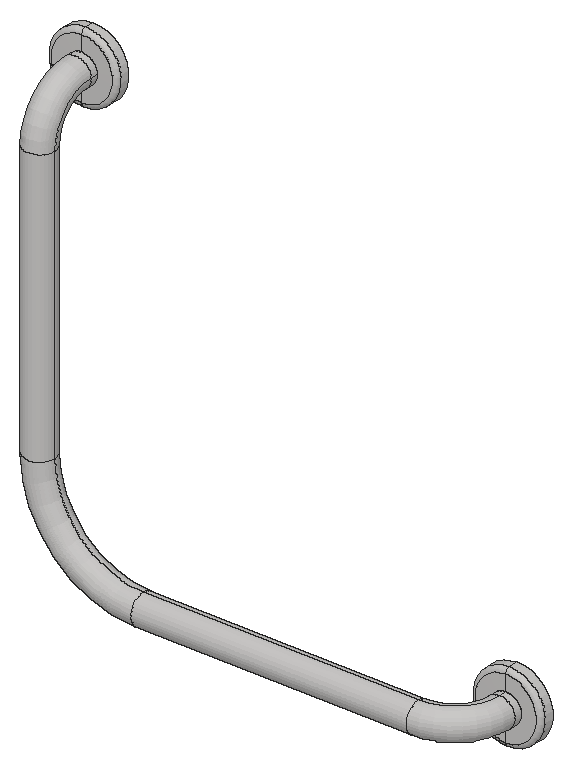
Revit family "RBA4801-450", category Plumbing Fixtures, Revit 2021
Family settings
  Round Connector Dimension = Use Diameter
  Part Type = Normal
  Work Plane-Based = No
  Always vertical = Yes
  Cut with Voids When Loaded = No
  Shared = Yes
  Room Calculation Point = No
Parameters
  Watermarked By = "www.rba.com.au"
  URL = "www.rba.com.au"
  Phone Number = ""
  OFFSET [instance] = 800.00 mm
  Modified Issue = "20180918.01"
  Model = "RBA4090-450"
  Materials and Finishes = Stainless Steel Satin Finish
  Manufacturer = "RBA Group"
  Lgth = 900.00 mm
  Diameter = 32.00 mm
  Description = "90° Ambulant Angled Grab Rail"
  Default Elevation = 0.00 mm
  Copyrighted by = "RBA Group"  # constant formula
Reference planes
  plane 1 "Center (Front/Back)": y = 0
  plane 2: z = 0
  plane 3 "Center (Left/Right)": x = 0
  plane 4: z = 800
  plane 5: z = 784
  plane 6: z = 1234
  plane 7: y = -55
  plane 8: y = -71
  plane 9: y = -87
  plane 10: x = -16
Forms (mm)
  Revolve 1, solid, material "Stainless Steel Satin Finish" <- "Materials and Finishes"
    sketch origin (159.282, 0, 0.016) x (0, 1, 0) y (0, 0, -1)
      loop
        line (-14.798, -1233.984) -> (-14.798, -1249.984)
        arc (-14.798, -1249.984) -> (-14.721, -1258.245) -> (-14.663, -1266.534) r 3642.758
        arc (-14.663, -1266.534) -> (-13.194, -1270.036) -> (-9.683, -1271.484) r 4.979
        line (-9.683, -1271.484) -> (0, -1271.484) -> (0, -1233.984) -> (-14.798, -1233.984)
      axis (0, -1233.984) -> (-14.798, -1233.984)
    angle from 0 to 360
  Extrusion 2, void
    sketch origin (159.282, 0, 0) x (-1, 0, 0) y (0, 0, -1)
      loop
        circle (0, -1234) r 36
    from 0 to 2.847
  Sweep 3, solid, material "Stainless Steel Satin Finish" <- "Materials and Finishes"
    path origin (159.282, 0, 0) x (0, 1, 0) y (0, 0, -1)
      loop
        line (-14.798, -1234) -> (-23, -1234)
        arc (-23, -1234) -> (-56.941, -1219.941) -> (-71, -1186) r 48
    profile origin (159.282, -18.899, 1234) x (0, 0, 1) y (-1, 0, 0)
      loop
        circle (0, 0) r 16
  Revolve 4, solid, material "Stainless Steel Satin Finish" <- "Materials and Finishes"
    sketch origin (609.282, 0, -449.984) x (0, 1, 0) y (0, 0, -1)
      loop
        line (-14.798, -1233.984) -> (-14.798, -1249.984)
        arc (-14.798, -1249.984) -> (-14.721, -1258.245) -> (-14.663, -1266.534) r 3642.758
        arc (-14.663, -1266.534) -> (-13.194, -1270.036) -> (-9.683, -1271.484) r 4.979
        line (-9.683, -1271.484) -> (0, -1271.484) -> (0, -1233.984) -> (-14.798, -1233.984)
      axis (0, -1233.984) -> (-14.798, -1233.984)
    angle from 0 to 360
  Extrusion 5, void
    sketch origin (609.282, 0, -450) x (-1, 0, 0) y (0, 0, -1)
      loop
        circle (0, -1234) r 36
    from 0 to 2.847
  Sweep 6, solid, material "Stainless Steel Satin Finish" <- "Materials and Finishes"
    path origin (-624.718, 0, 784) x (0, 1, 0) y (-1, 0, 0)
      loop
        line (-14.798, -1234) -> (-23, -1234)
        arc (-23, -1234) -> (-56.941, -1219.941) -> (-71, -1186) r 48
    profile origin (609.282, -18.899, 784) x (1, 0, 0) y (0, 0, 1)
      loop
        circle (0, 0) r 16
  Sweep 7, solid, material "Stainless Steel Satin Finish" <- "Materials and Finishes"
    path origin (159.282, -71, 0) x (-1, 0, 0) y (0, 0, -1)
      loop
        line (0, -1186) -> (0, -894)
        arc (0, -894) -> (-32.218, -816.218) -> (-110, -784) r 110
        line (-110, -784) -> (-402, -784)
    profile origin (159.282, -71, 1040) x (0, -1, 0) y (1, 0, 0)
      loop
        circle (0, 0) r 16
  Extrusion 8, void
    sketch origin (0, 0, 0) x (1, 0, 0) y (0, 0, 1)
      loop
        circle (131.782, 1234) r 5
      loop
        circle (186.782, 1234) r 5
      loop
        circle (581.782, 784) r 5
      loop
        circle (636.782, 784) r 5
    from 2.85 to 5.82
Cuts and joins
  Extrusion 2, Extrusion 8 cuts Revolve 1
  Extrusion 5, Extrusion 8 cuts Revolve 4
  joined: Sweep 3, Sweep 6, Sweep 7
Dimensions and locks
  plane 6 to plane 5 = 450.00 mm
  aligned and locked: level to plane 2
